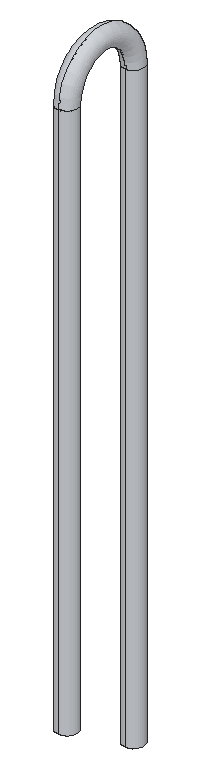
Revit family "BALUSTRADE - U 2", category Balusters, Revit 2025
Family settings
  OmniClass Number = 23.30.80.11.11.11
  OmniClass Title = Infill Panels
  Always vertical = Yes
  Cut with Voids When Loaded = No
  Shared = No
Parameters
  Width = 100 mm
  built-in parameter 1008623 [instance] = (empty or 0)
  built-in parameter 1008625 [instance] = 30.00°
  R = Width / 2  # 50 mm
  Post = no
  built-in parameter 1008624 [instance] = (empty or 0)
  built-in parameter 1008622 [instance] = 750 mm
  B DIA = 25 mm
Reference planes
  plane 1 "Center (Front/Back)": y = 0
  plane 2: z = 0
  plane 3 "Center (Left/Right)": x = 0
  plane 4 "Top": z = 750
  plane 5 "Top Cut Angle": through (0, 348.699, 548.678) normal (0, -0.5, -0.866)
  plane 6 "Bottom Cut Angle": through (0, 0, 0) normal (0, -0.5, -0.866)
  plane 7 "Front": y = 50
  plane 8 "Back": y = -50
  plane 9: z = 700
Forms (mm)
  Sweep 1, solid
    path origin (0, 0, 0) x (0, 1, 0) y (0, 0, 1)
      loop
        line (50, -28.868) -> (50, 700)
        arc (50, 700) -> (0, 750) -> (-50, 700) r 50
        line (-50, 700) -> (-50, 28.868)
    profile origin (0, 50, 335.566) x (0, -1, 0) y (1, 0, 0)
      loop
        circle (0, 0) r 12.5
Text (mm)
  text "Baluster Panel Elevation" at (0, -60.67, 1254.795), in view "Left"
Dimensions and locks
  "built-in parameter 1008622": plane 2 to plane 4 "Top"
  equal spacing: plane 7 "Front", plane 1 "Center (Front/Back)", plane 8 "Back"
  "Width": plane 7 "Front" to plane 8 "Back"
  "R": plane 9 to plane 4 "Top"
  "B DIA": diameter of Sweep 1 sketch curve
  "built-in parameter 1008625": angle plane 4 "Top" to plane 5 "Top Cut Angle"
  "built-in parameter 1008625": angle level to plane 6 "Bottom Cut Angle"
  aligned and locked: level to plane 2
  aligned and locked: plane 7 "Front" to Sweep 1 sketch curve
  aligned and locked: plane 8 "Back" to Sweep 1 sketch curve
  aligned and locked: plane 6 "Bottom Cut Angle" to Sweep 1 sketch curve  (x2)
  aligned and locked: plane 9 to Sweep 1 sketch curve
Automatic sketch dimensions
  Sweep 1 sketch curve to plane 3 "Center (Left/Right)" = 0 mm
  Sweep 1 sketch curve to profile plane = 0 mm
